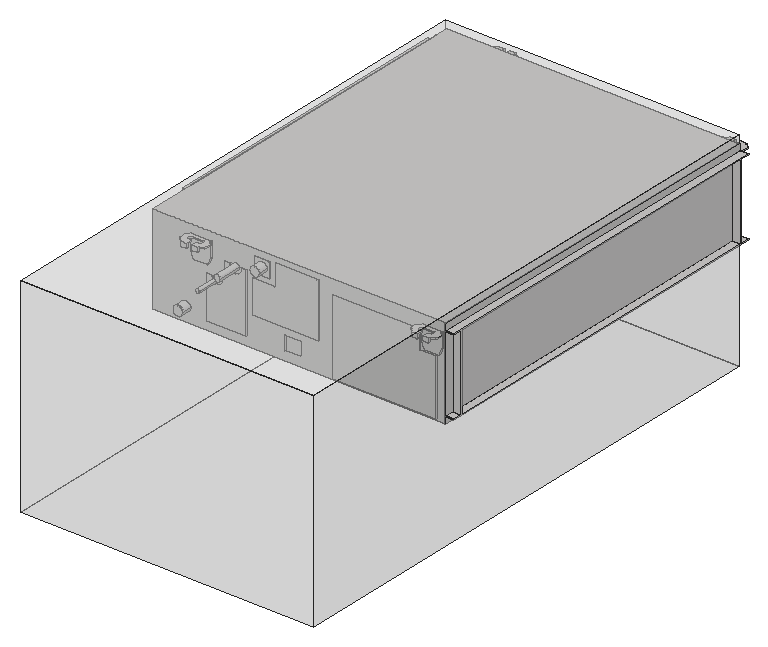
Revit family "outputfile", category 機械設備, Revit 2024
Family settings
  丸型コネクタ寸法 = 半径を使用
  パーツ タイプ = 標準
  OmniClass 番号 = 23.75.10.24.21.27.27
  OmniClass タイトル = Split System Air Conditioning Units
  作業面ベース = いいえ
  常に垂直 = はい
  ロード時にボイドで切り取り = いいえ
  注釈の向きを維持 = いいえ
  共有 = いいえ
  部屋計算ポイント = はい
Parameters (values of type "FBQ50EVE")
  Description = ""
  製造元 = "Daikin"
  書き出し IFC クラス(タイプ) = "IfcUnitaryEquipmentType"
  定義済み IFC タイプ(タイプ) = "AIRCONDITIONINGUNIT"
  Cost = 0
  モデル = "FBQ50EVE"
  Type Comments = ""
  Keynote = ""
  Type Image = (empty or 0)
  Assembly Code = ""
  switch_frequency = yes
  r_Liquid Pipe Size = Liquid Pipe Size / 2  # 4.75 mm
  r_Gas Pipe Size = Gas Pipe Size / 2  # 7.95 mm
  r_Drain Pipe Size = Drain Pipe Size / 2  # 12.5 mm
  lw_power = 770.0 mm  # constant formula
  lh_SA = 138.0 mm  # constant formula
  lw_SA = if(Depth = 550.0 mm, 225.0 mm, if(Depth = 700.0 mm, 300.0 mm, if(Depth = 1000.0 mm, 450.0 mm, if(Depth = 1400.0 mm, 650.0 mm, 725.0 mm))))  # 450.0 mm
  lw_RA = if(Depth = 550.0 mm, 275.0 mm, if(Depth = 700.0 mm, 349.0 mm, if(Depth = 1000.0 mm, 499.0 mm, if(Depth = 1400.0 mm, 699.0 mm, 775.0 mm))))  # 499.0 mm
  lh_power = 60.0 mm + [h***]  # 60.0 mm
  lh_mountinghole1 = lh_mountinghole + [h***]  # 222.0 mm
  lh_RA = 123.0 mm  # constant formula
  ld_power = Depth / 2  # 500.0 mm
  connector_voltage = Voltage_50Hz  # 230 V
  connector_powerinput = [Power Input (Cooling)]  # 1.390 kW
  connector_phase = Phase_50Hz  # 1
  Voltage_comment_60Hz = "220"
  Voltage_comment_50Hz = "220 - 240"
  Voltage_60Hz = 220 V
  Voltage_50Hz = 230 V
  URL = ""
  Supply Air Direction [instance] = yes
  Sound Power Level_H speed (dB) = 0
  Phase_60Hz = 1
  Phase_50Hz = 1
  Minimum External Static Pressure = 0.00 Pa
  Minimum Circuit Amps_60Hz = 0.0 A
  Minimum Circuit Amps_50Hz = 0.0 A
  Maximum Fuse Amps_60Hz = 0.0 A
  Maximum Fuse Amps_50Hz = 0.0 A
  Maximum External Static Pressure = 0.00 Pa
  Material_Casing = DAIKIN_GalvanizedSteel_Casing_indoorunit
  lw_mountinghole = 630.0 mm  # constant formula
  lh_gaspipe = 183.0 mm + [h***]  # 183.0 mm
  lh_mountinghole = 222.0 mm  # constant formula
  lh_liquidpipe = 136.0 mm + [h***]  # 136.0 mm
  lh_drainpipe = 207.0 mm + [h***]  # 207.0 mm
  lh_antena = Height - lh_mountinghole + 1.0 mm  # 24.0 mm
  ld_drainpipe = Depth / 2 + 26.0 mm  # 526.0 mm
  ld_liquidpipe = Depth / 2 + 69.0 mm  # 569.0 mm
  ld_gaspipe = Depth / 2 + 65.0 mm  # 565.0 mm
  ld_mountinghole = Depth + 38.0 mm  # 1038.0 mm
  h*** = 0.0 mm  # constant formula
  lw_liquidpipe = 179.0 mm  # constant formula
  lw_gaspipe = 229.0 mm  # constant formula
  lw_drainpipe = 300.0 mm  # constant formula
  Width = 800.0 mm
  Version = "ver.1.0"
  Unit Type = "Duct"
  Unit Mass Weight = 37.00 kg
  Unit Designation [instance] = ""
  Uniclass2015Version = "Products v1.30"
  Uniclass2015Title = "Split coil room air conditioning units"
  Uniclass2015Code = "Pr_70_65_03_86"
  Total Cooling Capacity [instance] = 0.000 kW
  Sound Pressure Level_M speed (dBA) = 33
  Sound Pressure Level_L speed (dBA) = 31
  Sound Pressure Level_H speed (dBA) = 35
  Series = "SkyAir_Fan Coil Unit"
  Sensible Cooling Capacity [instance] = 0.000 kW
  SA Duct Size Width = 792.0 mm
  SA Duct Size Height = 176.0 mm
  Refrigerant Type = "R410A"
  RA Duct Size Width = 952.0 mm
  RA Duct Size Height = 208.0 mm
  Power Input (Cooling) = 1.390 kW
  Option Accessory 3 [instance] = ""
  Option Accessory 2 [instance] = ""
  Option Accessory 1 [instance] = ""
  Nominal Cooling Capacity = 5.000 kW
  Minimum Airflow = 750.00 m³/h
  Median Airflow = 900.00 m³/h
  Maximum Airflow = 1080.00 m³/h
  Load Classification = HVAC
  Liquid Pipe Size = 9.5 mm
  Link_Nested Family [instance] = ""
  IfcVersion = ""
  IfcExportType = "AIRCONDITIONINGUNIT"
  IfcExportAs = "IfcUnitaryEquipmentType"
  Height = 245.0 mm
  Heat Exchanger Type = "Cross Fin Coil"
  Gas Pipe Size = 15.9 mm
  Frequency_60Hz = 60 Hz
  Frequency_50Hz = 50 Hz
  Fan Type = "Sirocco Fan"
  Fan Drive = "-"
  FCU Tag No. [instance] = ""
  Drain Pipe Size = 25.0 mm
  Design Supply Airflow [instance] = 0.00 m³/h
  Design Return Airflow [instance] = 0.00 m³/h
  Design External Static Pressure [instance] = 0.00 Pa
  Depth = 1000.0 mm
  既定の高さ = 0.0 mm
  Cooling Entering Wet Bulb Temperature [instance] = 0.00 °C
  Cooling Entering Dry Bulb Temperature [instance] = 0.00 °C
  Cooling Ambient Wet Bulb Temperature [instance] = 0.00 °C
  Cooling Ambient Dry Bulb Temperature [instance] = 0.00 °C
  Clearance visibility [instance] = yes
  Clearance Top = 20.0 mm
  Clearance Right = 0.0 mm
  Clearance Rear = 0.0 mm
  Clearance Left = 0.0 mm
  Clearance Front = 450.0 mm
  Clearance Bottom = 300.0 mm
Reference planes
  plane 1 "Center (Front/Back)": y = 0
  plane 2 "h": z = 0
  plane 3 "Center (Left/Right)": x = 0
  plane 4 "Back": y = 500
  plane 5 "Front": y = -500
  plane 6 "Left": x = -400
  plane 7 "Right": x = 400
  plane 8 "Top": z = 0
  plane 9 "Bottom": z = -245
  plane 10: y = -215
  plane 11: y = 500
  plane 12: y = -950
  plane 13: x = -400
  plane 14: x = 400
  plane 15: z = 20
  plane 16: z = -545
  plane 17: x = -400
  plane 18: x = -399
  plane 19: x = 399
  plane 20: y = 50
  plane 21: y = -1
  plane 22: z = -122
  plane 23: y = -501
  plane 24: z = -109
  plane 25: x = -221
  plane 26: y = -565
  plane 27: z = -62
  plane 28: x = -171
  plane 29: y = -526
  plane 30: z = -38
  plane 31: x = -100
  plane 32: x = -100
  plane 33: x = -221
  plane 34: x = -171
  plane 35: x = 370
  plane 36: x = -266
  plane 37: x = 364
  plane 38: y = -519
  plane 39: y = 519
  plane 40: z = -23
  plane 41: z = -107
  plane 42: y = -569
  plane 43: z = -207
  plane 44: x = -309
  plane 45: y = -526
  plane 46: x = -251
  plane 47: x = -203
  plane 48: x = -144
  plane 49: z = -59
  plane 50: z = -106
  plane 51: z = -221
  plane 52: z = -109
  plane 53: x = -221
  plane 54: z = -62
  plane 55: x = -171
  plane 56: z = -17
  plane 57: z = -59
  plane 58: x = -121
  plane 59: x = -79
  plane 60: x = -125
  plane 61: x = -64
  plane 62: x = 53
  plane 63: z = -164
  plane 64: z = -73
  plane 65: z = -16
  plane 66: x = 93.5
  plane 67: x = 374.5
  plane 68: x = 330
  plane 69: z = -88.5
  plane 70: z = -38
  plane 71: z = -242.5
  plane 72: x = -38.5
  plane 73: x = 6.5
  plane 74: z = -181
  plane 75: z = -221
  plane 76: y = -499
  plane 77: x = -424
  plane 78: x = 424
Forms (mm)
  Extrusion 1, solid, material "DAIKIN_GalvanizedSteel_Casing_indoorunit" <- "Material_Casing"
    sketch origin (0, 0, 0) x (1, 0, 0) y (0, 1, 0)
      loop
        line (-399, 500) -> (-399, -500) -> (399, -500) -> (399, 500) -> (-399, 500)
    from -245 to 0
  Extrusion 2, solid, material "DAIKIN_GalvanizedSteel_Casing_indoorunit" <- "Material_Casing"
    sketch origin (0, 0, 0) x (1, 0, 0) y (0, 0, 1)
      loop
        line (-251, -221) -> (-144, -221) -> (-144, -59) -> (-154.47, -59)
        arc (-154.47, -59) -> (-171, -78.8) -> (-187.53, -59) r 16.8
        line (-187.53, -59) -> (-203, -59) -> (-203, -106) -> (-206.916, -106)
        arc (-206.916, -106) -> (-221, -123.4) -> (-235.084, -106) r 14.4
        line (-235.084, -106) -> (-251, -106) -> (-251, -221)
    from 500 to 501
  Extrusion 3, solid, material "DAIKIN_GalvanizedSteel_Casing_indoorunit" <- "Material_Casing"
    sketch origin (0, 0, 0) x (1, 0, 0) y (0, 0, 1)
      loop
        line (-121, -17) -> (-121, -59) -> (-79, -59) -> (-79, -17) -> (-121, -17)
      loop
        line (-125, -73) -> (-125, -164) -> (53, -164) -> (53, -16) -> (-64, -16) -> (-64, -73) -> (-125, -73)
    from 500 to 501
  Extrusion 4, solid, material "DAIKIN_GalvanizedSteel_Casing_indoorunit" <- "Material_Casing"
    sketch origin (0, 0, 0) x (1, 0, 0) y (0, 0, 1)
      loop
        line (93.5, -38) -> (93.5, -242.5) -> (374.5, -242.5) -> (374.5, -88.5) -> (330, -88.5) -> (330, -38) -> (93.5, -38)
    from 500 to 501
  Extrusion 5, solid, material "DAIKIN_GalvanizedSteel_Casing_indoorunit" <- "Material_Casing"
    sketch origin (0, 0, 0) x (1, 0, 0) y (0, 0, 1)
      loop
        circle (-221, -109) r 4.75
    from 500 to 569
  Extrusion 6, solid, material "DAIKIN_GalvanizedSteel_Casing_indoorunit" <- "Material_Casing"
    sketch origin (0, 0, 0) x (1, 0, 0) y (0, 0, 1)
      loop
        circle (-171, -62) r 7.95
    from 500 to 565
  Extrusion 7, solid, material "DAIKIN_GalvanizedSteel_Casing_indoorunit" <- "Material_Casing"
    sketch origin (0, 0, 0) x (1, 0, 0) y (0, 0, 1)
      loop
        circle (-100, -38) r 12.5
    from 501 to 526
  Extrusion 8, solid, material "DAIKIN_GalvanizedSteel_Casing_indoorunit" <- "Material_Casing"
    sketch origin (0, 0, 0) x (1, 0, 0) y (0, 0, 1)
      loop
        circle (-309, -207) r 13
    from 500 to 526
  Extrusion 9, void
    sketch origin (0, 0, 0) x (1, 0, 0) y (0, 0, 1)
      loop
        line (-38.5, -181) -> (-38.5, -221) -> (6.5, -221) -> (6.5, -181) -> (-38.5, -181)
    from 499 to 500
Cuts and joins
  Extrusion 9 cuts Extrusion 1
Dimensions and locks
  "Height": plane 8 "Top" to plane 9 "Bottom"
  equal spacing: plane 4 "Back", plane 1 "Center (Front/Back)", plane 5 "Front"
  "Depth": plane 4 "Back" to plane 5 "Front"
  equal spacing: plane 6 "Left", plane 3 "Center (Left/Right)", plane 7 "Right"
  "Width": plane 6 "Left" to plane 7 "Right"
  "Clearance Left": plane 13 to plane 6 "Left"
  "Clearance Right": plane 7 "Right" to plane 14
  "Clearance Rear": plane 11 to plane 4 "Back"
  "Clearance Front": plane 5 "Front" to plane 12
  "Clearance Top": plane 15 to plane 8 "Top"
  "Clearance Bottom": plane 9 "Bottom" to plane 16
  locked: plane 17 to plane 18 at 1
  locked: plane 19 to plane 14 at 1
  "lw_RA": plane 21 to plane 5 "Front"
  "lh_RA": plane 22 to plane 9 "Bottom"
  locked: plane 5 "Front" to plane 23 at 1
  "lw_liquidpipe": plane 25 to plane 6 "Left"
  "lh_liquidpipe": plane 24 to plane 9 "Bottom"
  "lh_gaspipe": plane 27 to plane 9 "Bottom"
  "lw_gaspipe": plane 28 to plane 6 "Left"
  "ld_gaspipe": plane 26 to plane 1 "Center (Front/Back)"
  "ld_drainpipe": plane 29 to plane 1 "Center (Front/Back)"
  "lh_drainpipe": plane 30 to plane 9 "Bottom"
  "lw_drainpipe": plane 31 to plane 6 "Left"
  "lw_drainpipe": plane 6 "Left" to plane 32
  "lw_liquidpipe": plane 6 "Left" to plane 33
  "lw_gaspipe": plane 6 "Left" to plane 34
  "lw_power": plane 6 "Left" to plane 35
  locked: plane 17 to plane 36 at 134
  "lw_mountinghole": plane 36 to plane 37
  equal spacing: plane 38, plane 1 "Center (Front/Back)", plane 39
  "ld_mountinghole": plane 39 to plane 38
  "lh_mountinghole": plane 40 to plane 9 "Bottom"
  "lh_SA": plane 41 to plane 9 "Bottom"
  locked: plane 44 to plane 6 "Left" at 91
  locked: plane 43 to plane 9 "Bottom" at 38
  locked: plane 5 "Front" to plane 45 at 26
  plane 48 to plane 47 to plane 46 to plane 6 "Left" = 59.0 mm, 48.0 mm, 149.0 mm
  plane 8 "Top" to plane 49 to plane 50 to plane 51 = 59.0 mm locked, 47.0 mm locked, 115.0 mm locked
  plane 55 to plane 53 to plane 6 "Left" = 50.0 mm locked, 179.0 mm locked
  plane 54 to plane 52 to plane 9 "Bottom" = 47.0 mm locked, 136.0 mm locked
  plane 59 to plane 58 to plane 6 "Left" = 42.0 mm locked, 279.0 mm locked
  plane 8 "Top" to plane 56 to plane 57 = 17.0 mm locked, 42.0 mm locked
  plane 62 to plane 61 to plane 60 to plane 6 "Left" = 117.0 mm, 61.0 mm, 275.0 mm
  plane 8 "Top" to plane 65 to plane 64 = 16.0 mm locked, 57.0 mm locked
  locked: plane 65 to plane 63 at 148
  plane 8 "Top" to plane 70 to plane 69 to plane 71 = 38.0 mm locked, 50.5 mm locked, 154.0 mm locked
  plane 67 to plane 68 to plane 66 to plane 6 "Left" = 44.5 mm locked, 236.5 mm locked, 493.5 mm locked
  plane 8 "Top" to plane 74 to plane 75 = 181.0 mm locked, 40.0 mm locked
  plane 73 to plane 72 to plane 6 "Left" = 45.0 mm, 361.5 mm
  locked: plane 76 to plane 5 "Front" at 1
  locked: plane 77 to plane 17 at 24
  locked: plane 14 to plane 78 at 24
  "ld_liquidpipe": plane 42 to plane 1 "Center (Front/Back)"
  "lw_SA": plane 4 "Back" to plane 20
  "r_Liquid Pipe Size": radius of Extrusion 5 sketch curve
  "r_Gas Pipe Size": radius of Extrusion 6 sketch curve
  "r_Drain Pipe Size": radius of Extrusion 7 sketch curve
  aligned and locked: level to plane 2 "h"
  aligned and locked: plane 8 "Top" to Extrusion 1
  aligned and locked: Extrusion 1 to plane 9 "Bottom"
  aligned and locked: nested 5 to plane 12
  aligned and locked: plane 13 to nested 5
  aligned and locked: plane 14 to nested 5
  aligned and locked: nested 5 to plane 13
  aligned and locked: plane 11 to nested 5
  aligned and locked: plane 15 to nested 5
  aligned and locked: plane 16 to nested 5
  aligned and locked: plane 5 "Front" to Extrusion 1 sketch curve
  aligned and locked: Extrusion 1 to plane 18
  aligned and locked: plane 19 to Extrusion 1
  aligned and locked: nested 7 to plane 18
  aligned and locked: nested 7 to plane 20
  aligned and locked: plane 19 to nested 8
  aligned and locked: plane 21 to nested 8
  aligned and locked: plane 22 to nested 8
  aligned and locked: Extrusion 2 to plane 23
  aligned and locked: plane 5 "Front" to Extrusion 2
  aligned and locked: Extrusion 3 to plane 23
  aligned and locked: plane 5 "Front" to Extrusion 3
  aligned and locked: plane 5 "Front" to Extrusion 4
  aligned and locked: Extrusion 5 sketch curve to plane 25
  aligned and locked: plane 24 to Extrusion 5 sketch curve
  aligned and locked: plane 5 "Front" to Extrusion 5
  aligned and locked: Extrusion 6 sketch curve to plane 28
  aligned and locked: plane 27 to Extrusion 6 sketch curve
  aligned and locked: plane 5 "Front" to Extrusion 6
  aligned and locked: Extrusion 7 sketch curve to plane 31
  aligned and locked: Extrusion 7 sketch curve to plane 30
  aligned and locked: Extrusion 7 to plane 29
  aligned and locked: plane 23 to Extrusion 7
  aligned and locked: nested 3 to plane 29
  aligned and locked: plane 32 to nested 3
  aligned and locked: nested 2 to plane 33
  aligned and locked: nested 1 to plane 34
  aligned and locked: Extrusion 6 to plane 26
  aligned and locked: nested 1 to plane 26
  aligned and locked: nested 6 to plane 5 "Front"
  aligned and locked: nested 6 to plane 35
  aligned and locked: plane 36 to nested 10
  aligned and locked: nested 10 to plane 5 "Front"
  aligned and locked: plane 37 to nested 9
  aligned and locked: nested 9 to plane 5 "Front"
  aligned and locked: nested 11 to plane 36
  aligned and locked: plane 4 "Back" to nested 11
  aligned and locked: nested 12 to plane 37
  aligned and locked: plane 4 "Back" to nested 12
  aligned and locked: plane 40 to nested 10
  aligned and locked: plane 40 to nested 11
  aligned and locked: plane 40 to nested 9
  aligned and locked: plane 40 to nested 12
  aligned and locked: plane 36 to nested 14
  aligned and locked: nested 14 to plane 39
  aligned and locked: plane 37 to nested 13
  aligned and locked: nested 13 to plane 39
  aligned and locked: plane 37 to nested 16
  aligned and locked: plane 38 to nested 16
  aligned and locked: plane 38 to nested 15
  aligned and locked: plane 36 to nested 15
  aligned and locked: plane 17 to plane 6 "Left"
  aligned and locked: plane 41 to nested 7
  aligned and locked: Extrusion 5 to plane 42
  aligned and locked: nested 2 to plane 42
  aligned and locked: Extrusion 8 sketch curve to plane 44
  aligned and locked: plane 43 to Extrusion 8 sketch curve
  aligned and locked: plane 5 "Front" to Extrusion 8
  aligned and locked: plane 45 to Extrusion 8
  aligned and locked: Extrusion 3 sketch curve to plane 56
  aligned and locked: Extrusion 3 sketch curve to plane 58
  aligned and locked: plane 57 to Extrusion 3 sketch curve
  aligned and locked: plane 59 to Extrusion 3 sketch curve
  aligned and locked: Extrusion 4 to plane 23
  aligned and locked: Extrusion 9 sketch curve to plane 74
  aligned and locked: plane 75 to Extrusion 9 sketch curve
  aligned and locked: plane 73 to Extrusion 9 sketch curve
  aligned and locked: plane 5 "Front" to Extrusion 9
  aligned and locked: plane 76 to Extrusion 9
  aligned and locked: nested 17 to plane 20
  aligned and locked: nested 17 to plane 77
  aligned and locked: plane 21 to nested 18
  aligned and locked: plane 78 to nested 18
  aligned and locked: plane 41 to nested 17
  aligned and locked: nested 18 to plane 22
  aligned and locked: nested 4 to plane 3 "Center (Left/Right)"
  aligned and locked: plane 1 "Center (Front/Back)" to nested 4
  aligned and locked: level to plane 8 "Top"
Automatic sketch dimensions
  plane 6 "Left" to Extrusion 1 sketch curve = 1.0 mm
  Extrusion 1 sketch curve to plane 7 "Right" = 1.0 mm
  Extrusion 1 sketch curve to plane 4 "Back" = 0.0 mm
  Extrusion 2 sketch curve to plane 46 = 0.0 mm
  Extrusion 2 sketch curve to plane 33 = 0.0 mm
  Extrusion 2 sketch curve to plane 47 = 0.0 mm
  Extrusion 2 sketch curve to plane 34 = 0.0 mm
  Extrusion 2 sketch curve to plane 48 = 0.0 mm
  Extrusion 2 sketch curve to plane 51 = 0.0 mm
  Extrusion 2 sketch curve to plane 52 = 0.0 mm
  Extrusion 2 sketch curve to plane 50 = 0.0 mm  (x3)
  Extrusion 2 sketch curve to plane 54 = 0.0 mm
  Extrusion 2 sketch curve to plane 49 = 0.0 mm  (x3)
  plane 33 to Extrusion 2 sketch curve = 14.084 mm
  plane 34 to Extrusion 2 sketch curve = 16.53 mm
  Extrusion 3 sketch curve to plane 60 = 0.0 mm
  Extrusion 3 sketch curve to plane 61 = 0.0 mm
  Extrusion 3 sketch curve to plane 62 = 0.0 mm
  Extrusion 3 sketch curve to plane 63 = 0.0 mm
  Extrusion 3 sketch curve to plane 64 = 0.0 mm
  Extrusion 3 sketch curve to plane 65 = 0.0 mm
  Extrusion 4 sketch curve to plane 66 = 0.0 mm
  Extrusion 4 sketch curve to plane 68 = 0.0 mm
  Extrusion 4 sketch curve to plane 67 = 0.0 mm
  Extrusion 4 sketch curve to plane 71 = 0.0 mm
  Extrusion 4 sketch curve to plane 69 = 0.0 mm
  Extrusion 4 sketch curve to plane 70 = 0.0 mm
  Extrusion 9 sketch curve to plane 72 = 0.0 mm
  radius of Extrusion 8 sketch curve = 13.0 mm
Nested families
  nested 1: "daikin_connector_rotate2" at (-171, 0, -62), length <- "ld_gaspipe", built-in parameter 1001364 <- "lh_gaspipe", radius <- "r_Gas Pipe Size", type "daikin_connector_rotate2"
    with radius 7.95 mm, length 565.0 mm, angle_vertical 90.00°
  nested 2: "daikin_connector_rotate2" at (-221, 0, -109), length <- "ld_liquidpipe", built-in parameter 1001364 <- "lh_liquidpipe", radius <- "r_Liquid Pipe Size", type "daikin_connector_rotate2"
    with radius 4.75 mm, length 569.0 mm, angle_vertical 90.00°
  nested 3: "daikin_connector_rotate2" at (-100, 0, -38), length <- "ld_drainpipe", built-in parameter 1001364 <- "lh_drainpipe", radius <- "r_Drain Pipe Size", type "daikin_connector_rotate2"
    with radius 12.5 mm, length 526.0 mm, angle_vertical 90.00°
  nested 4: "daikin_△_symbolicline" at (0, 0, 245) x (0, -1, 0) z (0, 0, 1), built-in parameter 1001364 <- "Height", visible <- "Supply Air Direction", type "daikin_△_symbolicline"
    with length 200.0 mm
  nested 5: "daikin_clearancespace" at (0, -225, -262.381), visible <- "Clearance visibility", show <- "Clearance visibility", Link_Nested Family <- "Link_Nested Family", type "daikin_clearancespace"
    with width 800.0 mm, show yes, height 565.0 mm, depth 1450.0 mm, Link_Nested Family ""
  nested 6: "daikin_connector_rotate2" at (370, 0, -185), built-in parameter 1001364 <- "lh_power", length <- "ld_power", type "daikin_connector_rotate2"
    with radius 10.0 mm, length 500.0 mm, angle_vertical 90.00°
  nested 7: "daikin_ductflange_FBQ-EVE2" at (-399, 50, -107) x (0, -1, 0) z (0, 0, 1), type "daikin_ductflange_FBQ-EVE2"
    with width 792.0 mm, w 1000.0 mm
  nested 8: "daikin_ductflange_FBQ-EVE" at (399, -1, -122) x (0, 1, 0) z (0, 0, 1), type "daikin_ductflange_FBQ-EVE"
    with width 952.0 mm, lw 25.0 mm, w 1000.0 mm
  nested 9: "daikin_hangerfixture_FBQ-EVE" at (364, -500, -23), type "daikin_hangerfixture_FBQ-EVE"
  nested 10: "daikin_hangerfixture_FBQ-EVE" at (-266, -500, -23), type "daikin_hangerfixture_FBQ-EVE"
  nested 11: "daikin_hangerfixture_FBQ-EVE" at (-266, 500, -23) x (-1, 0, 0) z (0, 0, 1), type "daikin_hangerfixture_FBQ-EVE"
  nested 12: "daikin_hangerfixture_FBQ-EVE" at (364, 500, -23) x (-1, 0, 0) z (0, 0, 1), type "daikin_hangerfixture_FBQ-EVE"
  nested 13: "daikin_mountinghole" at (364, 519, -245), h_mountinghole <- "lh_mountinghole1", l_antenna <- "lh_antena", Link_Nested Family <- "Link_Nested Family", type "daikin_mountinghole"
    with show yes, l_antenna 24.0 mm, h_mountinghole 222.0 mm, Link_Nested Family ""
  nested 14: "daikin_mountinghole" at (-266, 519, -245), h_mountinghole <- "lh_mountinghole1", l_antenna <- "lh_antena", Link_Nested Family <- "Link_Nested Family", type "daikin_mountinghole"
    with show yes, l_antenna 24.0 mm, h_mountinghole 222.0 mm, Link_Nested Family ""
  nested 15: "daikin_mountinghole" at (-266, -519, -245), h_mountinghole <- "lh_mountinghole1", l_antenna <- "lh_antena", Link_Nested Family <- "Link_Nested Family", type "daikin_mountinghole"
    with show yes, l_antenna 24.0 mm, h_mountinghole 222.0 mm, Link_Nested Family ""
  nested 16: "daikin_mountinghole" at (364, -519, -245), h_mountinghole <- "lh_mountinghole1", l_antenna <- "lh_antena", Link_Nested Family <- "Link_Nested Family", type "daikin_mountinghole"
    with show yes, l_antenna 24.0 mm, h_mountinghole 222.0 mm, Link_Nested Family ""
  nested 17: "daikin_connector_rotate2" at (-400, 50, -107) x (0, -1, 0) z (0, 0, 1), type "daikin_connector_rotate2"
    with radius 10.0 mm, length 24.0 mm, angle_vertical 90.00°
  nested 18: "daikin_connector_rotate2" at (400, -1, -122) x (0, 1, 0) z (0, 0, 1), type "daikin_connector_rotate2"
    with radius 10.0 mm, length 24.0 mm, angle_vertical 90.00°
Connectors
  piping at (-100, -526, -38), diameter 25, driven by "r_Drain Pipe Size"
    settings: on nested 3, index 3, connector inside diameter 609.6 mm, connector length 0.0 mm, flow factor 0, pipe flow 0.00 m³/h, pressure drop 0.0 Pa, fitting loss kfactor 0, connector angle 0.00°, fixture units 0, engagement length 0.0 mm, angle of deflection 0.00°, flow configuration 1, flow direction 2, fitting loss method 4, system type 16, joint type 0, gender type 0, connector reference index -1, connector utility 0, adjustable connector no, is connector primary yes, connector description "Condensate Drain Piping"
  piping at (-171, -565, -62), diameter 15.9, driven by "r_Gas Pipe Size"
    settings: on nested 1, index 4, connector inside diameter 609.6 mm, connector length 0.0 mm, flow factor 0, pipe flow 0.00 m³/h, pressure drop 0.0 Pa, fitting loss kfactor 0, connector angle 0.00°, fixture units 0, engagement length 0.0 mm, angle of deflection 0.00°, flow configuration 1, flow direction 2, fitting loss method 0, system type 29, joint type 0, gender type 0, connector reference index -1, connector utility 0, adjustable connector no, is connector primary no, connector description "Refrigerant Gas Piping"
  piping at (-221, -569, -109), diameter 9.5, driven by "r_Liquid Pipe Size"
    settings: on nested 2, index 5, connector inside diameter 609.6 mm, connector length 0.0 mm, flow factor 0, pipe flow 0.00 m³/h, pressure drop 0.0 Pa, fitting loss kfactor 0, connector angle 0.00°, fixture units 0, engagement length 0.0 mm, angle of deflection 0.00°, flow configuration 1, flow direction 1, fitting loss method 0, system type 29, joint type 0, gender type 0, connector reference index -1, connector utility 0, adjustable connector no, is connector primary no, connector description "Refrigerant Liquid Piping"
  electrical at (370, -500, -185), driven by "Load Classification", driven by "connector_powerinput", driven by "connector_voltage", driven by "connector_phase"
    settings: on nested 6, index 6, voltage 230 V, apparent load 1390 VA, apparent load phase1 0 VA, apparent load phase2 0 VA, apparent load phase3 0 VA, power factor 1, load classification "HVAC", number of poles 1, system type 30, power factor state 1, is connector primary yes, connector utility no, sub classification motor no, connector description "Power Supply"
  hvac at (-424, 50, -107), driven by "SA Duct Size Height", driven by "SA Duct Size Width"
    settings: on nested 17, index 7, duct flow 0.00 m³/h, flow factor 0, pres drop 0.00 Pa, loss coef 0, conn angle 0.00°, conn width 792.0 mm, conn height 176.0 mm, conn diameter 609.6 mm, duct sys type 1, conn prof type 1, flow config 0, flow direction 2, loss method 4, conn ref index -1, conn util no, is conn primary yes, conn desc "SA Duct"
  hvac at (424, -1, -122), driven by "RA Duct Size Height", driven by "RA Duct Size Width"
    settings: on nested 18, index 8, duct flow 0.00 m³/h, flow factor 0, pres drop 0.00 Pa, loss coef 0, conn angle 0.00°, conn width 952.0 mm, conn height 208.0 mm, conn diameter 609.6 mm, duct sys type 2, conn prof type 1, flow config 0, flow direction 1, loss method 4, conn ref index -1, conn util no, is conn primary no, conn desc "RA Duct"
Definition of nested family "daikin_clearancespace"
  Parameters (values of type "daikin_clearancespace")
    Description = "daikin_clearancespace"
    width [instance] = 1823.963 mm
    show [instance] = yes
    material = none
    height [instance] = 1359.762 mm
    depth [instance] = 880.0 mm
    Default Elevation = 0.0 mm
    Link_Nested Family [instance] = ""
  Reference planes
    plane 1 "Center (Front/Back)": y = 0
    plane 2 "Center (Elevation)": z = -0.119
    plane 3 "Center (Left/Right)": x = 0
    plane 4: y = 440
    plane 5: y = -440
    plane 6 "Right": x = 911.982
    plane 7 "Left": x = -911.982
    plane 8 "Top": z = 679.762
    plane 9 "Bottom": z = -680
  Forms (mm)
    Extrusion 1, solid, material <- "material", visible <- "show"
      sketch origin (0, 0, 0) x (1, 0, 0) y (0, 1, 0)
        loop
          line (-911.982, 440) -> (-911.982, -440) -> (911.982, -440) -> (911.982, 440) -> (-911.982, 440)
      from -680 to 679.762
  Lines and regions (mm)
    symbolic lines, visible <- "show"
      curve 1: line (911.982, 440, 0) -> (-911.982, 440, 0)
      curve 2: line (-911.982, 440, 0) -> (-911.982, -440, 0)
      curve 3: line (-911.982, -440, 0) -> (911.982, -440, 0)
      curve 4: line (911.982, -440, 0) -> (911.982, 440, 0)
      curve 5: line (911.982, 0, 679.762) -> (-911.982, 0, 679.762)
      curve 6: line (911.982, 0, -680) -> (911.982, 0, 679.762)
      curve 7: line (-911.982, 0, -680) -> (911.982, 0, -680)
      curve 8: line (-911.982, 0, 679.762) -> (-911.982, 0, -680)
      curve 9: line (0, 440, 679.762) -> (0, -440, 679.762)
      curve 10: line (0, -440, 679.762) -> (0, -440, -680)
      curve 11: line (0, 440, -680) -> (0, 440, 679.762)
      curve 12: line (0, -440, -680) -> (0, 440, -680)
  Dimensions and locks
    "width": plane 7 "Left" to plane 6 "Right"
    "depth": plane 4 to plane 5
    "height": plane 8 "Top" to plane 9 "Bottom"
    equal spacing: plane 7 "Left", plane 3 "Center (Left/Right)", plane 6 "Right"
    equal spacing: plane 4, plane 1 "Center (Front/Back)", plane 5
    equal spacing: plane 8 "Top", plane 2 "Center (Elevation)", plane 9 "Bottom"
    aligned and locked: level to plane 2 "Center (Elevation)"
    aligned and locked: Extrusion 1 sketch curve to plane 4
    aligned and locked: plane 7 "Left" to Extrusion 1 sketch curve
    aligned and locked: Extrusion 1 sketch curve to plane 5
    aligned and locked: Extrusion 1 sketch curve to plane 6 "Right"
    aligned and locked: plane 8 "Top" to Extrusion 1
    aligned and locked: curve 1 to Extrusion 1
    aligned and locked: curve 2 to Extrusion 1
    aligned and locked: curve 3 to Extrusion 1
    aligned and locked: curve 4 to Extrusion 1
    aligned and locked: curve 5 to Extrusion 1
    aligned and locked: curve 6 to Extrusion 1
    aligned and locked: curve 7 to Extrusion 1
    aligned and locked: curve 8 to Extrusion 1
    aligned and locked: curve 9 to Extrusion 1
    aligned and locked: curve 10 to Extrusion 1
    aligned and locked: curve 11 to Extrusion 1
    aligned and locked: curve 12 to Extrusion 1
    aligned and locked: Extrusion 1 to plane 9 "Bottom"
Definition of nested family "daikin_ductflange_FBQ-EVE2"
  Parameters (values of type "daikin_ductflange_FBFC-DVMG2")
    width = if(w = 550.0 mm, 337.0 mm, if(w = 700.0 mm, 492.0 mm, if(w = 1000.0 mm, 792.0 mm, if(w = 1400.0 mm, 1192.0 mm, 1337.0 mm))))  # 1192.0 mm
    material = none
    height = 215.0 mm
    depth = 1.0 mm
    w = 1400.0 mm
    Default Elevation = 0.0 mm
  Reference planes
    plane 1 "Center (Front/Back)": y = 0
    plane 2: z = 0
    plane 3 "Center (Left/Right)": x = 0
    plane 4: z = 88
    plane 5: z = -88
    plane 6: y = -25
    plane 7: z = 106
    plane 8: z = 89
    plane 9: y = -1
    plane 10: x = -617.5
    plane 11: x = 617.5
    plane 12: z = -106
    plane 13: z = -89
    plane 14: y = -1
    plane 15: x = 596
    plane 16: x = -596
    plane 17: x = 597
    plane 18: z = 87
    plane 19: z = -87
    plane 20: x = -597
    plane 21: z = 87
    plane 22: z = -87
    plane 23: y = -1
  Forms (mm)
    Extrusion 1, solid, material <- "material"
      sketch origin (0, 0, 0) x (0, 1, 0) y (0, 0, 1)
        loop
          line (-25, 88) -> (0, 88) -> (0, 106) -> (-1, 106) -> (-1, 89) -> (-25, 89) -> (-25, 88)
      from -617.5 to 617.5
    Extrusion 2, solid, material <- "material"
      sketch origin (0, 0, 0) x (0, 1, 0) y (0, 0, 1)
        loop
          line (-25, -88) -> (-25, -89) -> (-1, -89) -> (-1, -106) -> (0, -106) -> (0, -88) -> (-25, -88)
      from -617.5 to 617.5
    Extrusion 3, solid, material <- "material"
      sketch origin (0, 0, 0) x (1, 0, 0) y (0, 0, 1)
        loop
          line (596, 88) -> (596, -88) -> (617.5, -88) -> (617.5, -87) -> (597, -87) -> (597, 87) -> (617.5, 87) -> (617.5, 88) -> (596, 88)
      from 0 to 25
    Extrusion 4, solid, material <- "material"
      sketch origin (0, 0, 0) x (1, 0, 0) y (0, 0, 1)
        loop
          line (-617.5, 88) -> (-617.5, 87) -> (-597, 87) -> (-597, -87) -> (-617.5, -87) -> (-617.5, -88) -> (-596, -88) -> (-596, 88) -> (-617.5, 88)
      from 0 to 25
    Extrusion 5, solid, material <- "material"
      sketch origin (0, 0, 0) x (1, 0, 0) y (0, 0, 1)
        loop
          line (-617.5, 88) -> (-617.5, -88) -> (-596, -88) -> (-596, 88) -> (-617.5, 88)
        loop
          line (617.5, 88) -> (596, 88) -> (596, -88) -> (617.5, -88) -> (617.5, 88)
      from 0 to 1
  Cuts and joins
    joined: Extrusion 1, Extrusion 2, Extrusion 3, Extrusion 4, Extrusion 5
  Dimensions and locks
    plane 4 to level to plane 5 = 88.0 mm, 88.0 mm
    locked: plane 6 to plane 1 "Center (Front/Back)" at 25
    locked: plane 9 to plane 1 "Center (Front/Back)" at 1
    locked: plane 8 to plane 4 at 1
    locked: plane 16 to plane 10 at 21.5
    locked: plane 17 to plane 15 at 1
    locked: plane 4 to plane 18 at 1
    locked: plane 19 to plane 5 at 1
    "width": plane 15 to plane 16
    plane 4 to plane 5 = 176.0 mm
    locked: plane 16 to plane 20 at 1
    locked: plane 4 to plane 21 at 1
    locked: plane 22 to plane 5 at 1
    locked: plane 23 to plane 1 "Center (Front/Back)" at 1
    plane 4 to level to plane 5 = 88.0 mm locked, 88.0 mm locked
    locked: plane 5 to plane 13 at 1
    locked: plane 5 to plane 12 at 18
    locked: plane 7 to plane 4 at 18
    equal spacing: plane 15, plane 3 "Center (Left/Right)", plane 16
    locked: plane 11 to plane 15 at 21.5
    plane 11 to plane 10 = 1235.0 mm
    aligned and locked: level to plane 2
    aligned and locked: Extrusion 1 to plane 10
    aligned and locked: plane 11 to Extrusion 1
    aligned and locked: plane 5 to Extrusion 2
    aligned and locked: Extrusion 2 to plane 1 "Center (Front/Back)"
    aligned and locked: plane 15 to Extrusion 3 sketch curve
    aligned and locked: Extrusion 3 sketch curve to Extrusion 2  (x2)
    aligned and locked: Extrusion 3 sketch curve to plane 11
    aligned and locked: plane 6 to Extrusion 3
    aligned and locked: Extrusion 2 to plane 10
    aligned and locked: plane 11 to Extrusion 2
    aligned and locked: Extrusion 4 sketch curve to Extrusion 1  (x2)
    aligned and locked: plane 5 to Extrusion 4 sketch curve
    aligned and locked: Extrusion 4 sketch curve to plane 16
    aligned and locked: Extrusion 4 sketch curve to plane 22
    aligned and locked: plane 20 to Extrusion 4 sketch curve
    aligned and locked: plane 21 to Extrusion 4 sketch curve
    aligned and locked: Extrusion 4 to plane 1 "Center (Front/Back)"
    aligned and locked: plane 6 to Extrusion 4
    aligned and locked: Extrusion 5 sketch curve to Extrusion 1  (x4)
    aligned and locked: Extrusion 5 sketch curve to Extrusion 4  (x2)
    aligned and locked: Extrusion 5 sketch curve to Extrusion 3  (x2)
    aligned and locked: Extrusion 5 to plane 1 "Center (Front/Back)"
    aligned and locked: plane 23 to Extrusion 5
  Automatic sketch dimensions
    Extrusion 1 sketch curve to plane 6 = 0.0 mm
    Extrusion 1 sketch curve to plane 7 = 0.0 mm
    Extrusion 1 sketch curve to plane 9 = 0.0 mm
    Extrusion 1 sketch curve to plane 1 "Center (Front/Back)" = 0.0 mm
    Extrusion 1 sketch curve to plane 4 = 0.0 mm
    Extrusion 1 sketch curve to plane 8 = 0.0 mm
    Extrusion 2 sketch curve to plane 6 = 0.0 mm
    plane 12 to Extrusion 2 sketch curve = 0.0 mm
    Extrusion 2 sketch curve to plane 14 = 0.0 mm
    Extrusion 2 sketch curve to plane 1 "Center (Front/Back)" = 0.0 mm
    plane 13 to Extrusion 2 sketch curve = 0.0 mm
    Extrusion 2 sketch curve to plane 5 = 0.0 mm
    Extrusion 3 sketch curve to plane 17 = 0.0 mm
    Extrusion 3 sketch curve to plane 19 = 0.0 mm
    Extrusion 3 sketch curve to plane 18 = 0.0 mm
    Extrusion 3 sketch curve to plane 4 = 0.0 mm
    Extrusion 4 sketch curve to plane 10 = 0.0 mm
Definition of nested family "daikin_ductflange_FBQ-EVE"
  Parameters (values of type "daikin_ductflange_FBFC-DVMG")
    width = if(w = 550.0 mm, 502.0 mm, if(w = 700.0 mm, 654.0 mm, if(w = 1000.0 mm, 952.0 mm, if(w = 1400.0 mm, 1352.0 mm, 1502.0 mm))))  # 654.0 mm
    material = none
    lw = if(width = 654.0 mm, 23.0 mm, 25.0 mm)  # 23.0 mm
    height = 208.0 mm
    depth = 1.0 mm
    w = 700.0 mm
    Default Elevation = 0.0 mm
  Reference planes
    plane 1 "Center (Front/Back)": y = 0
    plane 2: z = 0
    plane 3 "Center (Left/Right)": x = 0
    plane 4: z = 104
    plane 5: z = -104
    plane 6: y = -25
    plane 7: z = 121
    plane 8: z = 105
    plane 9: y = -1
    plane 10: x = -350
    plane 11: x = 350
    plane 12: z = -122
    plane 13: z = -105
    plane 14: y = -1
    plane 15: x = 327
    plane 16: x = -327
    plane 17: x = 328
    plane 18: z = 103
    plane 19: z = -103
    plane 20: x = -328
    plane 21: z = 103
    plane 22: z = -103
    plane 23: y = -1
  Forms (mm)
    Extrusion 1, solid, material <- "material"
      sketch origin (0, 0, 0) x (0, 1, 0) y (0, 0, 1)
        loop
          line (-25, 104) -> (0, 104) -> (0, 121) -> (-1, 121) -> (-1, 105) -> (-25, 105) -> (-25, 104)
      from -350 to 350
    Extrusion 2, solid, material <- "material"
      sketch origin (0, 0, 0) x (0, 1, 0) y (0, 0, 1)
        loop
          line (-25, -104) -> (-25, -105) -> (-1, -105) -> (-1, -122) -> (0, -122) -> (0, -104) -> (-25, -104)
      from -350 to 350
    Extrusion 3, solid, material <- "material"
      sketch origin (0, 0, 0) x (1, 0, 0) y (0, 0, 1)
        loop
          line (327, 104) -> (327, -104) -> (350, -104) -> (350, -103) -> (328, -103) -> (328, 103) -> (350, 103) -> (350, 104) -> (327, 104)
      from 0 to 25
    Extrusion 4, solid, material <- "material"
      sketch origin (0, 0, 0) x (1, 0, 0) y (0, 0, 1)
        loop
          line (-350, 104) -> (-350, 103) -> (-328, 103) -> (-328, -103) -> (-350, -103) -> (-350, -104) -> (-327, -104) -> (-327, 104) -> (-350, 104)
      from 0 to 25
    Extrusion 5, solid, material <- "material"
      sketch origin (0, 0, 0) x (1, 0, 0) y (0, 0, 1)
        loop
          line (-350, 104) -> (-350, -104) -> (-327, -104) -> (-327, 104) -> (-350, 104)
        loop
          line (350, 104) -> (327, 104) -> (327, -104) -> (350, -104) -> (350, 104)
      from 0 to 1
  Cuts and joins
    joined: Extrusion 1, Extrusion 2, Extrusion 3, Extrusion 4, Extrusion 5
  Dimensions and locks
    plane 4 to level to plane 5 = 104.0 mm, 104.0 mm
    locked: plane 6 to plane 1 "Center (Front/Back)" at 25
    locked: plane 9 to plane 1 "Center (Front/Back)" at 1
    locked: plane 8 to plane 4 at 1
    "lw": plane 11 to plane 15
    "lw": plane 16 to plane 10
    locked: plane 17 to plane 15 at 1
    locked: plane 4 to plane 18 at 1
    locked: plane 19 to plane 5 at 1
    "width": plane 15 to plane 16
    equal spacing: plane 15, plane 3 "Center (Left/Right)", plane 16
    locked: plane 16 to plane 20 at 1
    locked: plane 4 to plane 21 at 1
    locked: plane 22 to plane 5 at 1
    locked: plane 23 to plane 1 "Center (Front/Back)" at 1
    locked: plane 7 to plane 4 at 17
    locked: plane 1 "Center (Front/Back)" to plane 14 at 1
    locked: plane 5 to plane 13 at 1
    "height": plane 4 to plane 5
    plane 11 to plane 10 = 700.0 mm
    locked: plane 12 to plane 13 at 17
    equal spacing: plane 4, level, plane 5
    aligned and locked: level to plane 2
    aligned and locked: Extrusion 1 to plane 10
    aligned and locked: plane 11 to Extrusion 1
    aligned and locked: plane 5 to Extrusion 2
    aligned and locked: Extrusion 2 to plane 1 "Center (Front/Back)"
    aligned and locked: plane 15 to Extrusion 3 sketch curve
    aligned and locked: Extrusion 3 sketch curve to Extrusion 2  (x2)
    aligned and locked: Extrusion 3 sketch curve to plane 11
    aligned and locked: plane 6 to Extrusion 3
    aligned and locked: Extrusion 2 to plane 10
    aligned and locked: plane 11 to Extrusion 2
    aligned and locked: Extrusion 4 sketch curve to Extrusion 1  (x2)
    aligned and locked: plane 5 to Extrusion 4 sketch curve
    aligned and locked: Extrusion 4 sketch curve to plane 16
    aligned and locked: Extrusion 4 sketch curve to plane 22
    aligned and locked: plane 20 to Extrusion 4 sketch curve
    aligned and locked: plane 21 to Extrusion 4 sketch curve
    aligned and locked: Extrusion 4 to plane 1 "Center (Front/Back)"
    aligned and locked: plane 6 to Extrusion 4
    aligned and locked: Extrusion 5 sketch curve to Extrusion 1  (x4)
    aligned and locked: Extrusion 5 sketch curve to Extrusion 4  (x2)
    aligned and locked: Extrusion 5 sketch curve to Extrusion 3  (x2)
    aligned and locked: Extrusion 5 to plane 1 "Center (Front/Back)"
    aligned and locked: plane 23 to Extrusion 5
  Automatic sketch dimensions
    Extrusion 1 sketch curve to plane 6 = 0.0 mm
    Extrusion 1 sketch curve to plane 7 = 0.0 mm
    Extrusion 1 sketch curve to plane 9 = 0.0 mm
    Extrusion 1 sketch curve to plane 1 "Center (Front/Back)" = 0.0 mm
    Extrusion 1 sketch curve to plane 4 = 0.0 mm
    Extrusion 1 sketch curve to plane 8 = 0.0 mm
    Extrusion 2 sketch curve to plane 6 = 0.0 mm
    plane 12 to Extrusion 2 sketch curve = 0.0 mm
    Extrusion 2 sketch curve to plane 14 = 0.0 mm
    Extrusion 2 sketch curve to plane 1 "Center (Front/Back)" = 0.0 mm
    plane 13 to Extrusion 2 sketch curve = 0.0 mm
    Extrusion 2 sketch curve to plane 5 = 0.0 mm
    Extrusion 3 sketch curve to plane 17 = 0.0 mm
    Extrusion 3 sketch curve to plane 19 = 0.0 mm
    Extrusion 3 sketch curve to plane 18 = 0.0 mm
    Extrusion 3 sketch curve to plane 4 = 0.0 mm
    Extrusion 4 sketch curve to plane 10 = 0.0 mm
Definition of nested family "daikin_hangerfixture_FBQ-EVE"
  Parameters (values of type "daikin_hangerfixture_FXMQ-PAVE")
    width = 72.0 mm
    material = none
    height = 60.0 mm
    depth = 41.0 mm
    Default Elevation = 0.0 mm
  Reference planes
    plane 1 "Center (Front/Back)": y = 0
    plane 2: z = 0
    plane 3 "Center (Left/Right)": x = 0
    plane 4: y = 417.146
    plane 5: y = -41
    plane 6: x = -36
    plane 7: x = 36
    plane 8: z = -2.3
    plane 9: z = -60
    plane 10: y = -2.3
    plane 11: z = -12
    plane 12: y = -38.7
  Forms (mm)
    Extrusion 1, solid, material <- "material"
      sketch origin (0, 0, 0) x (1, 0, 0) y (0, 1, 0)
        loop
          line (-28, 0) -> (-28, -5)
          arc (-28, -5) -> (-29.127, -8.162) -> (-32, -9.899) r 5
          arc (-32, -9.899) -> (-34.873, -11.636) -> (-36, -14.798) r 5
          line (-36, -14.798) -> (-36, -27.178)
          arc (-36, -27.178) -> (-35.429, -29.499) -> (-33.846, -31.289) r 5
          line (-33.846, -31.289) -> (-23, -38.798) -> (-23, -41.098) -> (-6.5, -41.098) -> (-6.5, -28.498)
          arc (-6.5, -28.498) -> (-7.379, -26.377) -> (-9.5, -25.498) r 3
          line (-9.5, -25.498) -> (-13.5, -25.498)
          arc (-13.5, -25.498) -> (-20, -18.998) -> (-13.5, -12.498) r 6.5
          line (-13.5, -12.498) -> (13.5, -12.498)
          arc (13.5, -12.498) -> (20, -18.998) -> (13.5, -25.498) r 6.5
          line (13.5, -25.498) -> (9.5, -25.498)
          arc (9.5, -25.498) -> (7.379, -26.377) -> (6.5, -28.498) r 3
          line (6.5, -28.498) -> (6.5, -41.098) -> (23, -41.098) -> (23, -38.798) -> (33.846, -31.289)
          arc (33.846, -31.289) -> (35.429, -29.499) -> (36, -27.178) r 5
          line (36, -27.178) -> (36, -14.596)
          arc (36, -14.596) -> (34.873, -11.434) -> (32, -9.697) r 5
          arc (32, -9.697) -> (29.127, -7.96) -> (28, -4.798) r 5
          line (28, -4.798) -> (28, 0) -> (-28, 0)
      from 0 to -2.3
    Extrusion 2, solid, material <- "material"
      sketch origin (0, 0, 0) x (1, 0, 0) y (0, 0, 1)
        loop
          line (28, -39.037) -> (28, 0) -> (-28, 0) -> (-28, -39.037)
          arc (-28, -39.037) -> (-27.91, -39.983) -> (-27.642, -40.894) r 5
          line (-27.642, -40.894) -> (-21.257, -56.857)
          arc (-21.257, -56.857) -> (-19.418, -59.14) -> (-16.615, -60) r 5
          line (-16.615, -60) -> (16.615, -60)
          arc (16.615, -60) -> (19.418, -59.14) -> (21.257, -56.857) r 5
          line (21.257, -56.857) -> (27.642, -40.894)
          arc (27.642, -40.894) -> (27.91, -39.983) -> (28, -39.037) r 5
      from 0 to 2.3
    Extrusion 3, solid, material <- "material"
      sketch origin (0, 0, 0) x (1, 0, 0) y (0, 0, 1)
        loop
          line (-23, 0) -> (-23, -9)
          arc (-23, -9) -> (-22.121, -11.121) -> (-20, -12) r 3
          line (-20, -12) -> (-9.5, -12)
          arc (-9.5, -12) -> (-7.379, -11.121) -> (-6.5, -9) r 3
          line (-6.5, -9) -> (-6.5, 0) -> (-23, 0)
        loop
          line (23, 0) -> (6.5, 0) -> (6.5, -9)
          arc (6.5, -9) -> (7.379, -11.121) -> (9.5, -12) r 3
          line (9.5, -12) -> (20, -12)
          arc (20, -12) -> (22.121, -11.121) -> (23, -9) r 3
          line (23, -9) -> (23, 0)
      from 38.8 to 41.098
  Cuts and joins
    joined: Extrusion 1, Extrusion 2, Extrusion 3
  Dimensions and locks
    plane 2 to plane 8 = 2.3 mm
    "height": plane 2 to plane 9
    locked: plane 10 to plane 1 "Center (Front/Back)" at 2.3
    locked: plane 2 to plane 11 at 12
    locked: plane 12 to plane 5 at 2.3
    aligned and locked: level to plane 2
    aligned and locked: Extrusion 1 to plane 8
    aligned and locked: plane 2 to Extrusion 1
    aligned and locked: plane 2 to Extrusion 2 sketch curve
    aligned and locked: Extrusion 2 to plane 10
    aligned and locked: Extrusion 2 to plane 1 "Center (Front/Back)"
    aligned and locked: Extrusion 3 sketch curve to cut or joined group of Extrusion 1, Extrusion 2, Extrusion 3  (x3)
    aligned and locked: cut or joined group of Extrusion 1, Extrusion 2, Extrusion 3 to Extrusion 3
  Automatic sketch dimensions
    Extrusion 2 sketch curve to plane 7 = 8.0 mm
    Extrusion 2 sketch curve to plane 8 = 36.737 mm
    plane 6 to Extrusion 2 sketch curve = 19.385 mm
    Extrusion 1 sketch curve to plane 6 = 0.0 mm
    plane 1 "Center (Front/Back)" to Extrusion 1 sketch curve = 0.0 mm
    Extrusion 1 sketch curve to plane 7 = 0.0 mm
    plane 6 to Extrusion 1 sketch curve = 2.154 mm
    plane 6 to Extrusion 1 sketch curve = 3.0 mm
    Extrusion 1 sketch curve to Extrusion 1 sketch curve = 5.0 mm  (x3)
    Extrusion 1 sketch curve to plane 12 = 0.098 mm  (x2)
    Extrusion 1 sketch curve to Extrusion 1 sketch curve = 4.0 mm  (x2)
    Extrusion 1 sketch curve to plane 5 = 0.098 mm  (x2)
    Extrusion 1 sketch curve to plane 3 "Center (Left/Right)" = 6.5 mm
    plane 3 "Center (Left/Right)" to Extrusion 1 sketch curve = 6.5 mm
    Extrusion 1 sketch curve to Extrusion 1 sketch curve = 3.0 mm
    Extrusion 1 sketch curve to plane 7 = 8.0 mm
    Extrusion 1 sketch curve to plane 7 = 5.0 mm
    Extrusion 1 sketch curve to plane 7 = 3.0 mm
    Extrusion 1 sketch curve to plane 7 = 2.154 mm
    plane 12 to Extrusion 1 sketch curve = 7.411 mm  (x2)
    plane 12 to Extrusion 1 sketch curve = 10.202 mm  (x2)
    Extrusion 1 sketch curve to Extrusion 1 sketch curve = 6.5 mm  (x2)
    Extrusion 1 sketch curve to Extrusion 1 sketch curve = 12.38 mm
    Extrusion 1 sketch curve to plane 10 = 12.296 mm
    Extrusion 1 sketch curve to plane 10 = 2.7 mm
    Extrusion 1 sketch curve to plane 10 = 2.498 mm
    plane 6 to Extrusion 1 sketch curve = 4.0 mm
    Extrusion 1 sketch curve to Extrusion 1 sketch curve = 0.0 mm  (x2)
    Extrusion 1 sketch curve to plane 7 = 4.0 mm
    Extrusion 1 sketch curve to Extrusion 1 sketch curve = 4.111 mm
    Extrusion 3 sketch curve to level = 0.0 mm  (x2)
    Extrusion 3 sketch curve to plane 11 = 0.0 mm  (x2)
    plane 11 to Extrusion 3 sketch curve = 3.0 mm  (x2)
    plane 3 "Center (Left/Right)" to Extrusion 3 sketch curve = 6.5 mm
    Extrusion 3 sketch curve to Extrusion 3 sketch curve = 3.0 mm  (x2)
    Extrusion 2 sketch curve to plane 9 = 0.0 mm
    Extrusion 2 sketch curve to Extrusion 2 sketch curve = 11.385 mm
    plane 6 to Extrusion 2 sketch curve = 8.0 mm
    plane 9 to Extrusion 2 sketch curve = 20.963 mm
    Extrusion 2 sketch curve to Extrusion 2 sketch curve = 5.0 mm  (x2)
    plane 9 to Extrusion 2 sketch curve = 3.143 mm  (x3)
    Extrusion 2 sketch curve to Extrusion 2 sketch curve = 4.642 mm  (x2)
    Extrusion 2 sketch curve to Extrusion 2 sketch curve = 0.0 mm  (x2)
    Extrusion 2 sketch curve to Extrusion 2 sketch curve = 0.358 mm
    Extrusion 2 sketch curve to Extrusion 2 sketch curve = 1.857 mm  (x2)
Definition of nested family "daikin_connector_rotate2"
  Parameters (values of type "daikin_connector_rotate2")
    Default Elevation = 1219.2 mm
    show_face = no
    radius [instance] = 10.0 mm
    length [instance] = 600.0 mm
    d_surface = 10.0 mm
    angle_vertical [instance] = 90.00°
  Reference planes
    plane 1 "Center (Front/Back)": y = 0
    plane 2: z = 0
    plane 3 "Center (Left/Right)": x = 0
  Forms (mm)
    Extrusion 1, solid, visible <- "show_face"
      sketch origin (0, -600, 0) x (1, 0, 0) y (0, 0, 1)
        loop
          circle (0, 0) r 10
      from 0 to -10
  Lines and regions (mm)
    reference lines
      curve 1: line (0, 0, 0) -> (0, -600, 0)
    symbolic lines
      curve 2: circle (0, 0, 0) r 5 normal (0, 0, 1)
    model lines, visible <- "show_face"
      curve 3: line (0, 0, 0) -> (0, -600, 0)
  Dimensions and locks
    "length": curve 1 to curve 1
    "length": curve 3 to curve 3
    "d_surface": Extrusion 1 to Extrusion 1
    "radius": radius of Extrusion 1 sketch curve
    "angle_vertical": angle curve 1 to plane 1 "Center (Front/Back)"
    "angle_vertical": angle curve 3 to plane 1 "Center (Front/Back)"
    aligned and locked: level to plane 2
    aligned and locked: plane 1 "Center (Front/Back)" to curve 1
    aligned and locked: plane 2 to curve 1
    aligned and locked: plane 1 "Center (Front/Back)" to curve 2
    aligned and locked: plane 3 "Center (Left/Right)" to curve 2
    aligned and locked: plane 1 "Center (Front/Back)" to curve 3
    aligned and locked: plane 2 to curve 3
    aligned and locked: Extrusion 1 to Extrusion 1
  Automatic sketch dimensions
    Extrusion 1 sketch curve to level = 0.0 mm
    Extrusion 1 sketch curve to plane 3 "Center (Left/Right)" = 0.0 mm
    radius of curve 2 = 5.0 mm
Definition of nested family "daikin_△_symbolicline"
  Parameters (values of type "daikin_△_symbolicline")
    length [instance] = 200.0 mm
    Default Elevation = 0.0 mm
  Reference planes
    plane 1 "Center (Front/Back)": y = 0
    plane 2: z = 0
    plane 3 "Center (Left/Right)": x = 0
  Lines and regions (mm)
    symbolic lines
      curve 1: line (0, -173.205, 0) -> (100, 0, 0)
      curve 2: line (100, 0, 0) -> (-100, 0, 0)
      curve 3: line (-100, 0, 0) -> (0, -173.205, 0)
  Dimensions and locks
    equal spacing: curve 3, plane 3 "Center (Left/Right)", curve 2
    "length": curve 3 to curve 2
    "length": curve 3 to curve 3
    "length": curve 1 to curve 1
    aligned and locked: level to plane 2
    aligned and locked: curve 2 to plane 1 "Center (Front/Back)"
    aligned and locked: plane 3 "Center (Left/Right)" to curve 3
Definition of nested family "daikin_mountinghole"
  Parameters (values of type "daikin_mountinghole")
    Default Elevation = 1219.2 mm
    Type Comments = "mountinghole"
    show [instance] = yes
    material = none
    l_centerline = 100.0 mm
    l_antenna [instance] = 100.0 mm
    h_mountinghole [instance] = 0.0 mm
    d_circle = 30.0 mm
    Link_Nested Family [instance] = ""
  Reference planes
    plane 1 "Center (Front/Back)": y = 0
    plane 2: z = 0
    plane 3 "Center (Left/Right)": x = 0
    plane 4: y = 50
    plane 5: x = -50
    plane 6: x = 50
    plane 7: y = -50
    plane 8 "h_mountinghole": z = 0
    plane 9: z = 100
  Lines and regions (mm)
    model lines, detail levels fine
      curve 1: circle (0, 0, 0) r 15 normal (0, 0, 1)
      curve 2: line (-50, 0, 0) -> (50, 0, 0)
      curve 3: line (0, 50, 0) -> (0, -50, 0)
    symbolic lines, detail levels fine
      curve 4: circle (0, 0, 0) r 15 normal (0, 0, 1)
      curve 5: line (-50, 0, 0) -> (50, 0, 0)
      curve 6: line (0, 50, 0) -> (0, -50, 0)
    model lines
      curve 7: line (0, 0, 100) -> (0, 0, 0)
  Dimensions and locks
    equal spacing: plane 4, plane 1 "Center (Front/Back)", plane 7
    "l_centerline": plane 4 to plane 7
    equal spacing: plane 5, plane 3 "Center (Left/Right)", plane 6
    "l_centerline": plane 5 to plane 6
    "l_antenna": plane 9 to plane 8 "h_mountinghole"
    "h_mountinghole": plane 8 "h_mountinghole" to plane 2
    "d_circle": diameter of curve 1
    "d_circle": diameter of curve 4
    aligned and locked: level to plane 2
    aligned and locked: plane 1 "Center (Front/Back)" to curve 1
    aligned and locked: plane 3 "Center (Left/Right)" to curve 1
    aligned and locked: plane 1 "Center (Front/Back)" to curve 2
    aligned and locked: curve 3 to plane 3 "Center (Left/Right)"
    aligned and locked: plane 6 to curve 2
    aligned and locked: plane 5 to curve 2
    aligned and locked: plane 4 to curve 3
    aligned and locked: plane 7 to curve 3
    aligned and locked: plane 1 "Center (Front/Back)" to curve 4
    aligned and locked: plane 3 "Center (Left/Right)" to curve 4
    aligned and locked: plane 6 to curve 5
    aligned and locked: plane 5 to curve 5
    aligned and locked: plane 1 "Center (Front/Back)" to curve 5
    aligned and locked: plane 4 to curve 6
    aligned and locked: plane 7 to curve 6
    aligned and locked: curve 6 to plane 3 "Center (Left/Right)"
    aligned and locked: curve 7 to plane 3 "Center (Left/Right)"
    aligned and locked: plane 9 to curve 7
    aligned and locked: plane 8 "h_mountinghole" to curve 7
